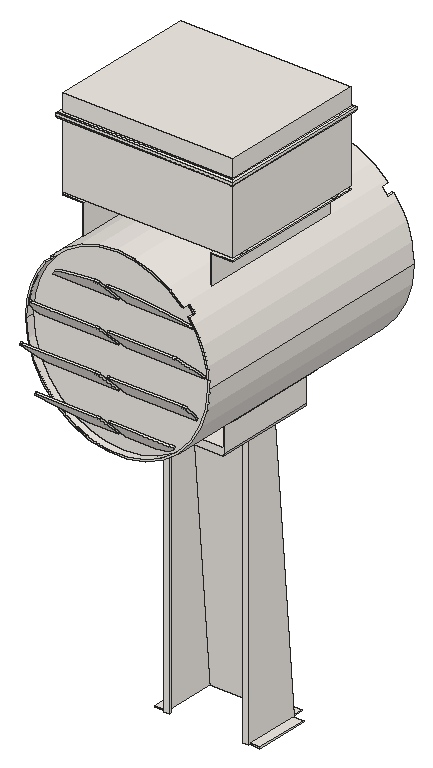
Revit family "Heater-QMARK-QWD_Series-Washdown_Corrosion_Resistant_Unit_Gen2", category Mechanical Equipment, host Face, Revit 2020
Family settings
  Host = Face
  Round Connector Dimension = Use Diameter
  Part Type = Normal
  OmniClass Number = 23.75.70.17.34
  OmniClass Title = Unit Heaters
  Cut with Voids When Loaded = No
  Shared = No
  Room Calculation Point = No
Parameters (values of type "QWD02112")
  Watts = 2000 W
  Wall Mounted Offset = 0' - 6.81039"
  Wall Mount Nema Box Offset = if(Drum Radius = 0' 6 1/2", 0' 3 25/32", if(Drum Radius = 0' 9 7/8", 0' 7 7/16", 0' 3 25/32"))  # 0' - 3 25/32"
  Clearance On [instance] = no
  Wall Mount [instance] = no
  Wall Clearance = 0' - 8"  # constant formula
  Voltage = 120 V
  Version = "2020 - v1.0a"  # constant formula
  URL = "https://www.marleymep.com/"
  Total Heating Capacity = 6824.0 Btu/h
  Small [instance] = if(Drum Radius = 0' 6 1/2", 1 = 1, 1 = 0)  # yes
  Product Page URL = "https://www.marleymep.com/products/qmark/qwd-series-washdown-corrosion-resistant-unit-heater-gen2-new"
  Product Name = "QWD Series - Washdown Corrosion-Resistant Unit Heater Gen2"  # constant formula
  Product Documentation Link = "https://www.marleymep.com/system/files/node/file/field-file/Submittal_QWD-HEP-Q_2024-04-2_v2-Fillable.pdf"
  Power Factor = 1
  Phase = 1
  Offset From Wall = if(Drum Radius = 0' 6 1/2", 0' 6 3/8", if(Drum Radius = 0' 9 7/8", 0' 8", 0' 6 3/8"))  # 0' - 6 3/8"
  Number of Poles = 1
  Nema Box Height = 0' - 6 1/4"
  Motor HP = "N/A"
  Model = "QWD02112"
  Medium Large [instance] = if(Drum Radius = 0' 9 7/8", 1 = 1, 1 = 0)  # no
  Material = ""
  Manufacturer = "Marley® Engineered Products"  # constant formula
  Instruction Sheet Link = "https://www.marleymep.com/system/files/node/file/field-file/Washdown%20Heater%20Instruction%20Manual_QMark%20%281%29.pdf"
  Height WM = 1' - 8 31/32"
  Height CM = 1' - 8 31/32"
  Frequency = 60 Hz
  Drum Radius = 0' - 6 1/2"
  Drum = Paint - Beige
  Description = "Corrosion Resistant Unit Heaters"  # constant formula
  Default Elevation = 4' - 0"
  Copyright = "© 2015-2024, Marley Engineered Products"  # constant formula
  Clearance from Floor = 0' - 7"  # constant formula
  Clearance from Ceiling = 0' - 9"  # constant formula
  Classification = ""
  Ceiling Mount [instance] = yes
  Built in Opt - Thermostat [instance] = no
  Built in Opt - For Large units [instance] = no
  Built in Opt - Disconnect Switch [instance] = no
  Built in Opt - 2 Stage Control [instance] = no
  Built in Opt - 120 V Control circuit [instance] = no
  Bracket = Paint - Beige
  Apparent Load = 0 VA
  Amps = 16.7 A
  Air Flow - Throw = 0' - 0"
  Actual Supply Air Flow = 700 CFM
  2-Stage Control = "N/A"
Reference planes (in)
  plane 1 "Center (Front/Back)": y = 0
  plane 2: z = 0
  plane 3 "Center (Left/Right)": x = 0
  plane 4 "Front": z = 9.96351
  plane 5 "Back": z = 6.455
  plane 6: z = 0.08
  plane 7: z = 19.41
  plane 8: z = 19.33
  plane 9: z = 40.37875
  plane 10: y = -20.96875
  plane 11: z = 28.47276
  plane 12: y = -25.75902
  plane 13: y = 4.8
  plane 14: through (0, -30.25359, 0) normal (0, 0.996, 0.0891)
  plane 15: z = 24.41592
Forms (in)
  SweptBlend 1, solid, material "Paint - Beige" <- "Bracket"
    path origin (0, 0, 0) x (0, 1, 0) y (0, 0, 1)
      loop
        line (0, 0) -> (0, 19.41)
    profile origin (0, 0, 0) x (0, -1, 0) y (1, 0, 0)
      loop
        line (-4, -3) -> (0, -3) -> (0, -2.6) -> (-0.07812, -2.6) -> (-0.07812, -2.92187) -> (-3.92187, -2.92187) -> (-3.92187, 2.92187) -> (-0.07812, 2.92187) -> (-0.07812, 2.6) -> (0, 2.6) -> (0, 3) -> (-4, 3) -> (-4, -3)
    end profile origin (0, 0, 19.41) x (0, -1, 0) y (1, 0, 0)
      loop
        line (-2.32, -3) -> (0, -3) -> (0, -2.6) -> (-0.07812, -2.6) -> (-0.07812, -2.92188) -> (-2.24187, -2.92188) -> (-2.24187, 2.92188) -> (-0.07812, 2.92188) -> (-0.07812, 2.6) -> (0, 2.6) -> (0, 3) -> (-2.32, 3) -> (-2.32, -3)
  Extrusion 2, solid, material "Paint - Beige" <- "Bracket"
    sketch origin (0, 0, 0) x (1, 0, 0) y (0, 1, 0)
      loop
        line (-3, 3.92187) -> (-3.72187, 3.92187) -> (-3.72187, 0.07812) -> (-3, 0.07812) -> (-3, 3.92187)
      loop
        line (3, 3.92187) -> (3, 0.07812) -> (3.72188, 0.07812) -> (3.72188, 3.92187) -> (3, 3.92187)
      loop
        line (-2.92187, 4) -> (2.92188, 4) -> (2.92188, 4.8) -> (-2.92187, 4.8) -> (-2.92187, 4)
    from 0 to 0.08
  Extrusion 3, solid, material "Paint - Beige" <- "Bracket"
    sketch origin (0, 0, 0) x (1, 0, 0) y (0, 1, 0)
      loop
        line (-2.92187, 0.07812) -> (2.92188, 0.07812) -> (2.92188, 2.24187) -> (-2.92187, 2.24187) -> (-2.92187, 0.07812)
    from 19.33 to 19.41
Cuts and joins
  joined: SweptBlend 1, Extrusion 2, Extrusion 3
Lines and regions (in)
  Masking region 1, visible <- "Wall Mount"
    outline origin (0, 0, 0) x (1, 0, 0) y (0, 0, 1)
      loop
        line (3, 0) -> (3, 19.41) -> (-3, 19.41) -> (-3, 0) -> (3, 0)
  Masking region 2, visible <- "Wall Mount"
    outline origin (0, 0, 0) x (1, 0, 0) y (0, 0, 1)
      loop
        line (3.59961, 20.19428) -> (-3.59961, 20.19428) -> (-3.59961, 12.17072) -> (-3, 12.17072) -> (-3, 19.41) -> (3, 19.41) -> (3, 12.17072) -> (3.59961, 12.17072) -> (3.59961, 20.19428)
  Masking region 3, visible <- "Wall Mount"
    outline origin (0, 0, 0) x (1, 0, 0) y (0, 0, 1)
      loop
        line (3, 6.46351) -> (6.5, 6.46351) -> (6.5, 24.46351) -> (-6.5, 24.46351) -> (-6.5, 6.46351) -> (-3, 6.46351) -> (-3, 12.17072) -> (-3.59961, 12.17072) -> (-3.59961, 20.19428) -> (3.59961, 20.19428) -> (3.59961, 12.17072) -> (3, 12.17072) -> (3, 6.46351)
  Masking region 4, visible <- "Ceiling Mount"
    outline origin (0, 0, 0) x (1, 0, 0) y (0, 1, 0)
      loop
        line (-6.26027, 5.46535) -> (-6.26027, -5.46535) -> (6.26027, -5.46535) -> (6.26027, 5.46535) -> (-6.26027, 5.46535)
  Masking region 5, visible <- "Ceiling Mount"
    outline origin (0, 0, 0) x (1, 0, 0) y (0, 1, 0)
      loop
        line (-6.5, 10.16) -> (-6.5, -7.84) -> (6.5, -7.84) -> (6.5, 10.16) -> (-6.5, 10.16)
  symbolic lines
    curve 1: line (-14.5, 18.16, 0) -> (14.5, 18.16, 0)
    curve 2: line (-14.5, -14.84, 0) -> (-14.5, 18.16, 0)
    curve 3: line (14.5, -14.84, 0) -> (-14.5, -14.84, 0)
    curve 4: line (14.5, 18.16, 0) -> (14.5, -14.84, 0)
  reference lines
    curve 5: line (-2.92187, 4.8, 0) -> (32.07813, 4.8, 0)
Dimensions and locks (in)
  SweptBlend 1 sketch curve to SweptBlend 1 sketch curve to SweptBlend 1 sketch curve to plane 3 "Center (Left/Right)" to SweptBlend 1 sketch curve to SweptBlend 1 sketch curve = 0' - 0 5/64" locked, 0' - 0.32187" locked, 0' - 2.6" locked, 0' - 2.6" locked, 0' - 0.32187" locked
  Extrusion 2 sketch curve to Extrusion 2 sketch curve to Extrusion 2 sketch curve to plane 3 "Center (Left/Right)" to Extrusion 2 sketch curve to Extrusion 2 sketch curve to Extrusion 2 sketch curve = 0' - 0.72187" locked, 0' - 0 5/64" locked, 0' - 2 59/64" locked, 0' - 2 59/64" locked, 0' - 0 5/64" locked, 0' - 0.72187" locked
  locked: plane 6 to plane 2 at 0.08
  plane 1 "Center (Front/Back)" to Extrusion 3 sketch curve to Extrusion 3 sketch curve = 0' - 0 5/64" locked, 0' - 2.16375" locked
  Extrusion 3 sketch curve to plane 3 "Center (Left/Right)" to Extrusion 3 sketch curve = 0' - 2 59/64" locked, 0' - 2 59/64" locked
  locked: plane 7 to plane 2 at 19.41
  locked: plane 7 to plane 8 at 0.08
  "Height CM": plane 9 to plane 7
  locked: nested 1 to plane 1 "Center (Front/Back)" at 1.16
  "Height WM": plane 1 "Center (Front/Back)" to plane 10
  plane 1 "Center (Front/Back)" to SweptBlend 1 sketch curve to SweptBlend 1 sketch curve to SweptBlend 1 sketch curve to SweptBlend 1 sketch curve = 0' - 0 5/64" locked, 0' - 0" locked, 0' - 3 27/32" locked, 0' - 0 5/64" locked
  SweptBlend 1 sketch curve to SweptBlend 1 sketch curve to SweptBlend 1 sketch curve to plane 3 "Center (Left/Right)" to SweptBlend 1 sketch curve to SweptBlend 1 sketch curve to SweptBlend 1 sketch curve = 0' - 0 5/64" locked, 0' - 0.32188" locked, 0' - 2.6" locked, 0' - 2.6" locked, 0' - 0.32188" locked, 0' - 0 5/64" locked
  SweptBlend 1 sketch curve to SweptBlend 1 sketch curve to SweptBlend 1 sketch curve to SweptBlend 1 sketch curve to nested 2 = 0' - 0 5/64" locked, 0' - 2.16375" locked, 0' - 0" locked, 0' - 0 5/64" locked
  plane 1 "Center (Front/Back)" to Extrusion 2 sketch curve to Extrusion 2 sketch curve to Extrusion 2 sketch curve to Extrusion 2 sketch curve = 0' - 0 5/64" locked, 0' - 3 27/32" locked, 0' - 0 5/64" locked, 0' - 0.8" locked
  plane 1 "Center (Front/Back)" to Extrusion 2 sketch curve to Extrusion 2 sketch curve = 0' - 0 5/64" locked, 0' - 3 27/32" locked
  "Wall Clearance": curve 2 to nested 1
  "Wall Clearance": nested 1 to curve 4
  "Clearance from Floor": curve 3 to nested 1
  "Wall Clearance": nested 1 to curve 1
  "Offset From Wall": plane 5 "Back" to plane 6
  "Wall Mount Nema Box Offset": nested 4 to plane 5 "Back"
  aligned and locked: plane 2 to host face
  aligned and locked: level to host face
  aligned and locked: plane 1 "Center (Front/Back)" to SweptBlend 1 sketch curve  (x3)
  aligned and locked: plane 2 to SweptBlend 1 sketch curve
  aligned and locked: SweptBlend 1 sketch curve to plane 1 "Center (Front/Back)"
  aligned and locked: SweptBlend 1 sketch curve to profile plane
  aligned and locked: plane 2 to cut or joined group of SweptBlend 1, Extrusion 2, Extrusion 3
  aligned and locked: plane 6 to cut or joined group of SweptBlend 1, Extrusion 2, Extrusion 3
  aligned and locked: Extrusion 3 to plane 7
  aligned and locked: Extrusion 3 to plane 8
  aligned and locked: plane 3 "Center (Left/Right)" to nested 1
  aligned and locked: nested 2 to plane 3 "Center (Left/Right)"
  aligned and locked: plane 7 to nested 1
  aligned and locked: plane 9 to nested 2
  aligned and locked: nested 2 to plane 1 "Center (Front/Back)"
  aligned and locked: nested 3 to plane 1 "Center (Front/Back)"
  aligned and locked: nested 4 to plane 10  (x2)
  aligned and locked: Masking region 2 sketch curve to Masking region 2 sketch curve
  aligned and locked: Masking region 2 sketch curve to plane 7
  aligned and locked: Masking region 3 sketch curve to Masking region 1  (x2)
  aligned and locked: Masking region 3 sketch curve to Masking region 2  (x3)
  aligned and locked: Masking region 4 sketch curve to nested 2  (x4)
  aligned and locked: Masking region 5 sketch curve to nested 1  (x2)
  aligned and locked: nested 3 to Masking region 3 sketch curve  (x2)
  aligned and locked: plane 3 "Center (Left/Right)" to nested 4
  aligned and locked: nested 3 to plane 3 "Center (Left/Right)"
  aligned and locked: plane 5 "Back" to nested 3
Automatic sketch dimensions
  host sketch curve to host sketch curve = 8' - 0"  (x2)
  plane 7 to SweptBlend 1 sketch curve = 0' - 0"
  SweptBlend 1 sketch curve to SweptBlend 1 sketch curve = 0' - 0 5/64"
  Masking region 1 sketch curve to level = 0' - 0"
  Masking region 1 sketch curve to plane 7 = 0' - 0"
  Masking region 1 sketch curve to plane 3 "Center (Left/Right)" = 0' - 3"
  plane 3 "Center (Left/Right)" to Masking region 1 sketch curve = 0' - 3"
  Masking region 2 sketch curve to plane 3 "Center (Left/Right)" = 0' - 3.59961"
  Masking region 2 sketch curve to Masking region 2 sketch curve = 0' - 0.59961"  (x2)
  plane 3 "Center (Left/Right)" to Masking region 2 sketch curve = 0' - 3"
  plane 4 "Front" to Masking region 2 sketch curve = 0' - 2.20721"
  Masking region 2 sketch curve to plane 7 = 0' - 0.78428"
  Masking region 3 sketch curve to plane 3 "Center (Left/Right)" = 0' - 3.59961"
  Masking region 3 sketch curve to Masking region 3 sketch curve = 0' - 0.59961"
  plane 5 "Back" to Masking region 3 sketch curve = 0' - 0.00851"  (x2)
  Masking region 3 sketch curve to plane 7 = 0' - 5.05351"
  plane 1 "Center (Front/Back)" to Masking region 5 sketch curve = 0' - 7.84"
  Masking region 5 sketch curve to plane 1 "Center (Front/Back)" = 0' - 10.16"
  curve 5 to plane 13 = 0' - 0"
  curve 5 to plane 3 "Center (Left/Right)" = 0' - 2 59/64"
  plane 3 "Center (Left/Right)" to curve 5 = 2' - 8 5/64"
Nested families (in)
  nested 1: "Drum" at (0, 1.16, 33.68461) x (0, -1, 0) z (0, 0, -1), visible <- "Ceiling Mount", Medium-Large <- "Medium Large", Small <- "Small", Clearance <- "Clearance On", type "Drum"
    with built-in parameter 1140142 -1, Small yes, Medium-Large no, built-in parameter 1140140 1 (stored number, unit not read), built-in parameter 1155100 -1, Clearance no, Width 1' - 1", Upper Bracket Length 0' - 7 51/256", Length 1' - 6", Height 1' - 1", Drum Outter Radius 0' - 6 1/2", Bracket Location 0' - 2 3/16", Bracket Constraint 0' - 3.59961"
  nested 2: "Box - Nema 4" at (0, 0, 33.95875) x (-1, 0, 0) z (0, 0, 1), visible <- "Ceiling Mount", type "Box - Nema 4"
  nested 3: "Drum" at (0, -14.27461, 15.455) x (0, 0, 1) z (0, 1, 0), visible <- "Wall Mount", Small <- "Small", Medium-Large <- "Medium Large", Clearance <- "Clearance On", type "Drum"
    with built-in parameter 1140142 -1, Small yes, Medium-Large no, built-in parameter 1140140 1 (stored number, unit not read), built-in parameter 1155100 -1, Clearance no, Width 1' - 1", Upper Bracket Length 0' - 7 51/256", Length 1' - 6", Height 1' - 1", Drum Outter Radius 0' - 6 1/2", Bracket Location 0' - 2 3/16", Bracket Constraint 0' - 3.59961"
  nested 4: "Box - Nema 4" at (0, -14.54875, 15.44133) x (1, 0, 0) z (0, -1, 0), visible <- "Wall Mount", type "Box - Nema 4"
Connectors (in)
  electrical at (0, 4.4, 0.08), driven by "Number of Poles", driven by "Voltage", driven by "Apparent Load", driven by "Power Factor"
    settings: on cut or joined group of SweptBlend 1, Extrusion 2, Extrusion 3, index 1, voltage 120 V, apparent load 0 VA, apparent load phase1 0 VA, apparent load phase2 0 VA, apparent load phase3 0 VA, power factor 1, load classification "HVAC", number of poles 1, system type 31, power factor state 1, is connector primary yes, connector utility no, sub classification motor no, connector description "Power Connection"
Definition of nested family "Drum"
  Parameters (values of type "Drum")
    Width = Drum Outter Radius * 2  # 1' - 7 3/4"
    Clearance [instance] = yes
    Upper Bracket Length = if(Length = 1' 6", 0' 7 51/256", if(Length = 2' 3", 1' 0 31/256", 0' 7 51/256"))  # 1' - 0 31/256"
    built-in parameter 1140142 [instance] = -1
    Small [instance] = yes
    Medium-Large [instance] = no
    built-in parameter 1140140 [instance] = 1 (stored number, unit not read)
    Louvers = none
    Length = if(Drum Outter Radius = 0' 6 1/2", 1' 6", if(Drum Outter Radius = 0' 9 7/8", 2' 3", 1' 6"))  # 2' - 3"
    Height = Drum Outter Radius * 2  # 1' - 7 3/4"
    built-in parameter 1155100 [instance] = -1
    Drum Outter Radius = 0' - 9 7/8"
    Drum = none
    Default Elevation = 4' - 0"
    Bracket Location = if(Height = 1' 1", 0' 2 3/16", if(Height = 1' 7 3/4", 0' 1 7/8", 0' 2 3/16"))  # 0' - 1 7/8"
    Bracket Constraint = Upper Bracket Length / 2  # 0' - 6.06055"
    Bracket = none
  Reference planes (in)
    plane 1 "Center (Front/Back)": y = 0
    plane 2 "Bottom": z = 0
    plane 3 "Center (Left/Right)": x = 0
    plane 4 "Left": x = -13.5
    plane 5 "Right": x = 13.5
    plane 6: y = 9.875
    plane 7: y = -9.875
    plane 8 "Top": z = 19.75
    plane 9: z = 2.25
    plane 10: z = 9.875
    plane 11: x = -12.98188
    plane 12: x = -12.91938
    plane 13: x = 12.98188
    plane 14: x = 12.91938
    plane 15: x = 9
  Forms (in)
    Extrusion 1, solid, material <- "Drum"
      sketch origin (0, 0, 0.03928) x (0, 1, 0) y (0, 0, 1)
        loop
          circle (0, 9.83572) r 9.875
        loop
          circle (0, 9.83572) r 9.75
      from -13.5 to 13.5
    Extrusion 2, void
      sketch origin (0, 0, 0) x (1, 0, 0) y (0, 0, 1)
        loop
          line (13.5, 2.49521) -> (12.98188, 2.49521) -> (12.98188, 2.00479) -> (13.5, 2.00479) -> (13.5, 2.49521)
        loop
          line (13.5, 15.98811) -> (12.98188, 15.98811) -> (12.98188, 15.4977) -> (13.5, 15.4977) -> (13.5, 15.98811)
        loop
          line (-13.5, 2.49521) -> (-13.5, 2.00479) -> (-12.98188, 2.00479) -> (-12.98188, 2.49521) -> (-13.5, 2.49521)
        loop
          line (-13.5, 15.98811) -> (-13.5, 15.4977) -> (-12.98188, 15.4977) -> (-12.98188, 15.98811) -> (-13.5, 15.98811)
      from -9.875 to 9.875
    Extrusion 3, solid, material <- "Drum"
      sketch origin (0, 0, 0) x (0, 1, 0) y (0, 0, 1)
        loop
          circle (0, 9.875) r 9.75
      from -12.98188 to -12.91938
    Extrusion 4, solid, material <- "Drum"
      sketch origin (0, 0, 0) x (0, 1, 0) y (0, 0, 1)
        loop
          circle (0, 9.875) r 9.74994
      from 12.91938 to 12.98188
    Sweep 5, solid, material <- "Bracket"
      path origin (0.00873, 0, 0.06158) x (1, 0, 0) y (0, 0, 1)
        loop
          line (6.05182, 17.81342) -> (-6.06928, 17.81342)
      profile "Upper Bracket : Upper Bracket" origin (0, 0, 17.875) x (0, 0, -1) y (0, -1, 0)
        loop
          line (-0.84375, -3.98438) -> (-1.3956, -3.22482)
          arc (-1.3956, -3.22482) -> (-1.4382, -3.18844) -> (-1.49268, -3.17536) r 0.12
          line (-1.49268, -3.17536) -> (-2.96211, -3.17536) -> (-2.96211, 3.15964) -> (-1.49268, 3.15964)
          arc (-1.49268, 3.15964) -> (-1.4382, 3.17272) -> (-1.3956, 3.20911) r 0.12
          line (-1.3956, 3.20911) -> (-0.84375, 3.96866) -> (-0.89229, 4.00393) -> (-1.44414, 3.24437)
          arc (-1.44414, 3.24437) -> (-1.46544, 3.22618) -> (-1.49268, 3.21964) r 0.06
          line (-1.49268, 3.21964) -> (-3.34211, 3.21964)
          arc (-3.34211, 3.21964) -> (-3.42696, 3.18449) -> (-3.46211, 3.09964) r 0.12
          line (-3.46211, 3.09964) -> (-3.46211, -3.11536)
          arc (-3.46211, -3.11536) -> (-3.42696, -3.20021) -> (-3.34211, -3.23536) r 0.12
          line (-3.34211, -3.23536) -> (-1.49268, -3.23536)
          arc (-1.49268, -3.23536) -> (-1.46544, -3.2419) -> (-1.44414, -3.26009) r 0.06
          line (-1.44414, -3.26009) -> (-0.89229, -4.01964) -> (-0.84375, -3.98438)
    Extrusion 6, solid, visible <- "Clearance"
      sketch origin (-6.08264, 4.80007, 0) x (1, 0, 0) y (0, 1, 0)
        loop
          line (27.58264, 12.94993) -> (-15.41736, 12.94993) -> (-15.41736, -22.67507) -> (27.58264, -22.67507) -> (27.58264, 12.94993)
      from -12 to 29.33711
  Cuts and joins
    Extrusion 2 cuts Extrusion 1
  Dimensions and locks (in)
    equal spacing: plane 4 "Left", plane 3 "Center (Left/Right)", plane 5 "Right"
    "Length": plane 4 "Left" to plane 5 "Right"
    equal spacing: plane 7, plane 1 "Center (Front/Back)", plane 6
    "Width": plane 7 to plane 6
    "Height": plane 8 "Top" to plane 2 "Bottom"
    locked: plane 9 to level at 2.25
    locked: plane 1 "Center (Front/Back)" to Extrusion 1 sketch curve
    equal spacing: plane 8 "Top", plane 10, plane 2 "Bottom"
    locked: plane 10 to Extrusion 1 sketch curve
    locked: Extrusion 2 sketch curve to plane 4 "Left" at 0.51812  (x2)
    locked: plane 5 "Right" to Extrusion 2 sketch curve at 0.51812  (x2)
    Extrusion 2 sketch curve to Extrusion 2 sketch curve = 0' - 0.49041"  (x2)
    Extrusion 2 sketch curve to plane 9 to Extrusion 2 sketch curve = 0' - 0.24521" locked, 0' - 0.24521" locked  (x2)
    plane 12 to plane 11 to plane 4 "Left" = 0' - 0 1/16" locked, 0' - 0.51812" locked
    locked: plane 1 "Center (Front/Back)" to Extrusion 3 sketch curve
    locked: plane 10 to Extrusion 3 sketch curve
    locked: plane 1 "Center (Front/Back)" to Extrusion 4 sketch curve
    locked: plane 10 to Extrusion 4 sketch curve
    plane 5 "Right" to plane 13 to plane 14 = 0' - 0.51812" locked, 0' - 0 1/16" locked
    locked: plane 7 to Extrusion 1 sketch curve at 0.125
    locked: plane 7 to Extrusion 4 sketch curve at 0.12506
    locked: plane 7 to Extrusion 3 sketch curve at 0.125
    "Upper Bracket Length": Sweep 5 sketch curve to Sweep 5 sketch curve
    "Bracket Location": plane 8 "Top" to Sweep 5 sketch curve
    equal spacing: Sweep 5 sketch curve, plane 3 "Center (Left/Right)", Sweep 5 sketch curve
    Extrusion 6 sketch curve to cut or joined group of Extrusion 1, Extrusion 2 = 0' - 8"
    cut or joined group of Extrusion 1, Extrusion 2 to Extrusion 6 sketch curve = 0' - 8"
    cut or joined group of Extrusion 1, Extrusion 2 to Extrusion 6 = 0' - 8"
    "Drum Outter Radius": radius of Extrusion 1 sketch curve
    aligned and locked: plane 2 "Bottom" to level
    aligned and locked: Extrusion 1 to plane 4 "Left"
    aligned and locked: plane 5 "Right" to Extrusion 1
    aligned and locked: Extrusion 2 sketch curve to plane 5 "Right"  (x2)
    aligned and locked: Extrusion 2 sketch curve to plane 4 "Left"  (x2)
    aligned and locked: plane 7 to Extrusion 2
    aligned and locked: plane 6 to Extrusion 2
    aligned and locked: Extrusion 3 to plane 12
    aligned and locked: Extrusion 3 to plane 11
    aligned and locked: Extrusion 4 to plane 14
    aligned and locked: plane 13 to Extrusion 4
    aligned and locked: plane 13 to nested 1
    aligned and locked: plane 10 to nested 1
    aligned and locked: plane 1 "Center (Front/Back)" to nested 1
    aligned and locked: plane 13 to nested 2
    aligned and locked: plane 1 "Center (Front/Back)" to nested 2
    aligned and locked: nested 2 to plane 10
  Automatic sketch dimensions
    Extrusion 1 sketch curve to Extrusion 1 sketch curve = 0' - 0"  (x2)
    plane 6 to Extrusion 6 sketch curve = 0' - 7 7/8"
    plane 7 to Extrusion 6 sketch curve = 0' - 8"
  Nested families (in)
    nested 1: "Small Louvers" at (12.98188, 0, 3.46392), visible <- "Small", type "Small Louvers", detail levels fine
    nested 2: "Medium-Large Louvers" at (12.98188, 0, 0.135), visible <- "Medium-Large", type "Medium-Large Louvers", detail levels fine
  Definition of nested family "Small Louvers"
    Parameters
      Louvers = none
      Default Elevation = 0' - 0"
    Reference planes (in)
      plane 1 "Center (Front/Back)": y = 0
      plane 2: z = 0
      plane 3 "Center (Left/Right)": x = 0
      plane 4: x = 0.125
    Forms (in)
      Extrusion 1, solid, material <- "Louvers"
        sketch origin (8.31747, 0, 3.44521) x (0, 1, 0) y (-0.707107, 0, 0.707107)
          loop
            arc (-2.36273, 11.72966) -> (-3.76445, 10.8565) -> (-4.86646, 9.62654) r 5.85277
            arc (-4.86646, 9.62654) -> (-4.87728, 9.40625) -> (-4.6881, 9.29287) r 0.2145
            line (-4.6881, 9.29287) -> (-0.50118, 9.29287)
            arc (-0.50118, 9.29287) -> (-0.3495, 9.35569) -> (-0.28667, 9.50737) r 0.2145
            line (-0.28667, 9.50737) -> (-0.28667, 11.72966) -> (-2.36273, 11.72966)
          loop
            line (0.28667, 11.76268) -> (0.28667, 9.50737)
            arc (0.28667, 9.50737) -> (0.3495, 9.35569) -> (0.50118, 9.29287) r 0.2145
            line (0.50118, 9.29287) -> (4.6881, 9.29287)
            arc (4.6881, 9.29287) -> (4.87728, 9.40625) -> (4.86646, 9.62654) r 0.2145
            arc (4.86646, 9.62654) -> (3.73253, 10.88312) -> (2.28645, 11.76268) r 5.85277
            line (2.28645, 11.76268) -> (0.28667, 11.76268)
        from 0 to 0.125
      Extrusion 2, solid, material <- "Louvers"
        sketch origin (6.36834, 0, 2.63785) x (0, 1, 0) y (-0.707107, 0, 0.707107)
          loop
            arc (-5.23606, 8.99007) -> (-5.66524, 7.84469) -> (-5.84699, 6.63512) r 5.85277
            arc (-5.84699, 6.63512) -> (-5.78771, 6.47732) -> (-5.6327, 6.41108) r 0.2145
            line (-5.6327, 6.41108) -> (-0.50118, 6.41108)
            arc (-0.50118, 6.41108) -> (-0.3495, 6.47391) -> (-0.28667, 6.62559) r 0.2145
            line (-0.28667, 6.62559) -> (-0.28667, 8.99007) -> (-5.23606, 8.99007)
          loop
            arc (0.28667, 6.62559) -> (0.3495, 6.47391) -> (0.50118, 6.41108) r 0.2145
            line (0.50118, 6.41108) -> (5.6327, 6.41108)
            arc (5.6327, 6.41108) -> (5.78771, 6.47732) -> (5.84699, 6.63512) r 0.2145
            arc (5.84699, 6.63512) -> (5.66297, 7.85342) -> (5.22798, 9.00619) r 5.85277
            line (5.22798, 9.00619) -> (0.28667, 9.00619) -> (0.28667, 6.62559)
        from 0 to 0.125
      Extrusion 3, solid, material <- "Louvers"
        sketch origin (4.33061, 0, 1.7938) x (0, 1, 0) y (-0.707107, 0, 0.707107)
          loop
            arc (-5.84747, 6.12595) -> (-5.64993, 4.84752) -> (-5.17639, 3.64371) r 5.85277
            arc (-5.17639, 3.64371) -> (-5.09744, 3.56012) -> (-4.98667, 3.5293) r 0.2145
            line (-4.98667, 3.5293) -> (-0.50118, 3.5293)
            arc (-0.50118, 3.5293) -> (-0.3495, 3.59213) -> (-0.28667, 3.74381) r 0.2145
            line (-0.28667, 3.74381) -> (-0.28667, 6.12595) -> (-5.84747, 6.12595)
          loop
            line (0.28667, 6.12441) -> (0.28667, 3.74381)
            arc (0.28667, 3.74381) -> (0.3495, 3.59213) -> (0.50118, 3.5293) r 0.2145
            line (0.50118, 3.5293) -> (4.98667, 3.5293)
            arc (4.98667, 3.5293) -> (5.09744, 3.56012) -> (5.17639, 3.64371) r 0.2145
            arc (5.17639, 3.64371) -> (5.64973, 4.84677) -> (5.8474, 6.12441) r 5.85277
            line (5.8474, 6.12441) -> (0.28667, 6.12441)
        from 0 to 0.125
      Extrusion 4, solid, material <- "Louvers"
        sketch origin (2.29289, 0, 0.94974) x (0, 1, 0) y (-0.707107, 0, 0.707107)
          loop
            arc (-4.95611, 3.26182) -> (-3.05653, 1.38375) -> (-0.52025, 0.5454) r 5.85277
            arc (-0.52025, 0.5454) -> (-0.3564, 0.60078) -> (-0.28667, 0.75905) r 0.2145
            line (-0.28667, 0.75905) -> (-0.28667, 3.26182) -> (-4.95611, 3.26182)
          loop
            line (0.28667, 3.24263) -> (0.28667, 0.75905)
            arc (0.28667, 0.75905) -> (0.3564, 0.60078) -> (0.52025, 0.5454) r 0.2145
            arc (0.52025, 0.5454) -> (3.04685, 1.37784) -> (4.94401, 3.24263) r 5.85277
            line (4.94401, 3.24263) -> (0.28667, 3.24263)
        from 0 to 0.125
    Lines and regions (in)
      model lines
        curve 1: arc (0, -4.86646, 9.62654) -> (0, -4.87728, 9.40625) -> (0, -4.6881, 9.29287) r 0.2145
        curve 2: arc (0, -2.36273, 11.72966) -> (0, -3.76445, 10.8565) -> (0, -4.86646, 9.62654) r 5.85277
        curve 3: line (0, -4.6881, 9.29287) -> (0, -0.50118, 9.29287)
        curve 4: arc (0, -0.50118, 9.29287) -> (0, -0.3495, 9.35569) -> (0, -0.28667, 9.50737) r 0.2145
        curve 5: line (0, -0.28667, 9.50737) -> (0, -0.28667, 11.76268)
        curve 6: arc (0, 0.28667, 9.50737) -> (0, 0.3495, 9.35569) -> (0, 0.50118, 9.29287) r 0.2145
        curve 7: line (0, 0.28667, 11.76268) -> (0, 0.28667, 9.50737)
        curve 8: line (0, 4.6881, 9.29287) -> (0, 0.50118, 9.29287)
        curve 9: arc (0, 4.6881, 9.29287) -> (0, 4.87728, 9.40625) -> (0, 4.86646, 9.62654) r 0.2145
        curve 10: arc (0, 4.86646, 9.62654) -> (0, 3.76445, 10.8565) -> (0, 2.36273, 11.72966) r 5.85277
        curve 11: arc (0, 5.6327, 6.41108) -> (0, 5.78771, 6.47732) -> (0, 5.84699, 6.63512) r 0.2145
        curve 12: arc (0, 5.84699, 6.63512) -> (0, 5.66524, 7.84469) -> (0, 5.23606, 8.99007) r 5.85277
        curve 13: line (0, 5.6327, 6.41108) -> (0, 0.50118, 6.41108)
        curve 14: arc (0, 0.28667, 6.62559) -> (0, 0.3495, 6.47391) -> (0, 0.50118, 6.41108) r 0.2145
        curve 15: line (0, 0.28667, 9.00619) -> (0, 0.28667, 6.62559)
        curve 16: line (0, -0.28667, 6.62559) -> (0, -0.28667, 9.00619)
        curve 17: arc (0, -0.50118, 6.41108) -> (0, -0.3495, 6.47391) -> (0, -0.28667, 6.62559) r 0.2145
        curve 18: line (0, -5.6327, 6.41108) -> (0, -0.50118, 6.41108)
        curve 19: arc (0, -5.84699, 6.63512) -> (0, -5.78771, 6.47732) -> (0, -5.6327, 6.41108) r 0.2145
        curve 20: arc (0, -5.23606, 8.99007) -> (0, -5.66524, 7.84469) -> (0, -5.84699, 6.63512) r 5.85277
        curve 21: arc (0, -5.84747, 6.12595) -> (0, -5.64993, 4.84752) -> (0, -5.17639, 3.64371) r 5.85277
        curve 22: arc (0, -5.17639, 3.64371) -> (0, -5.09744, 3.56012) -> (0, -4.98667, 3.5293) r 0.2145
        curve 23: line (0, -4.98667, 3.5293) -> (0, -0.50118, 3.5293)
        curve 24: arc (0, -0.50118, 3.5293) -> (0, -0.3495, 3.59213) -> (0, -0.28667, 3.74381) r 0.2145
        curve 25: line (0, -0.28667, 3.74381) -> (0, -0.28667, 6.12441)
        curve 26: line (0, 0.28667, 6.12441) -> (0, 0.28667, 3.74381)
        curve 27: arc (0, 0.28667, 3.74381) -> (0, 0.3495, 3.59213) -> (0, 0.50118, 3.5293) r 0.2145
        curve 28: line (0, 4.98667, 3.5293) -> (0, 0.50118, 3.5293)
        curve 29: arc (0, 4.98667, 3.5293) -> (0, 5.09744, 3.56012) -> (0, 5.17639, 3.64371) r 0.2145
        curve 30: arc (0, 5.17639, 3.64371) -> (0, 5.64993, 4.84752) -> (0, 5.84747, 6.12595) r 5.85277
        curve 31: arc (0, 0.52025, 0.5454) -> (0, 3.05653, 1.38375) -> (0, 4.95611, 3.26182) r 5.85277
        curve 32: arc (0, 0.28667, 0.75905) -> (0, 0.3564, 0.60078) -> (0, 0.52025, 0.5454) r 0.2145
        curve 33: line (0, 0.28667, 3.24263) -> (0, 0.28667, 0.75905)
        curve 34: line (0, -0.28667, 0.75905) -> (0, -0.28667, 3.24263)
        curve 35: arc (0, -0.52025, 0.5454) -> (0, -0.3564, 0.60078) -> (0, -0.28667, 0.75905) r 0.2145
        curve 36: arc (0, -4.95611, 3.26182) -> (0, -3.05653, 1.38375) -> (0, -0.52025, 0.5454) r 5.85277
    Dimensions and locks (in)
      locked: plane 4 to plane 3 "Center (Left/Right)" at 0.125
      aligned and locked: plane 2 to level
      aligned and locked: Extrusion 2 sketch curve to curve 16
  Definition of nested family "Medium-Large Louvers"
    Parameters
      Louvers = none
      Default Elevation = 0' - 0"
    Reference planes (in)
      plane 1 "Center (Front/Back)": y = 0
      plane 2: z = 0
      plane 3 "Center (Left/Right)": x = 0
      plane 4: x = 0.125
    Forms (in)
      Extrusion 1, solid, material <- "Louvers"
        sketch origin (13.0744, 0, 5.4156) x (0, 1, 0) y (-0.707107, 0, 0.707107)
          loop
            arc (-6.2637, 16.13286) -> (-6.30889, 15.91441) -> (-6.12372, 15.79) r 0.2
            line (-6.12372, 15.79) -> (-0.5, 15.79)
            arc (-0.5, 15.79) -> (-0.35858, 15.84858) -> (-0.3, 15.99) r 0.2
            line (-0.3, 15.99) -> (-0.3, 18.49) -> (-1.88149, 18.49)
            arc (-1.88149, 18.49) -> (-4.2397, 17.6221) -> (-6.2637, 16.13286) r 8.95
          loop
            arc (0.3, 15.99) -> (0.35858, 15.84858) -> (0.5, 15.79) r 0.2
            line (0.5, 15.79) -> (6.12372, 15.79)
            arc (6.12372, 15.79) -> (6.30889, 15.91441) -> (6.2637, 16.13286) r 0.2
            arc (6.2637, 16.13286) -> (4.2397, 17.6221) -> (1.88149, 18.49) r 8.95
            line (1.88149, 18.49) -> (0.3, 18.49) -> (0.3, 15.99)
        from 0 to 0.125
      Extrusion 2, solid, material <- "Louvers"
        sketch origin (10.95308, 0, 4.53692) x (0, 1, 0) y (-0.707107, 0, 0.707107)
          loop
            arc (-8.30973, 13.06429) -> (-8.28965, 12.87788) -> (-8.12404, 12.79) r 0.2
            line (-8.12404, 12.79) -> (-0.5, 12.79)
            arc (-0.5, 12.79) -> (-0.35858, 12.84858) -> (-0.3, 12.99) r 0.2
            line (-0.3, 12.99) -> (-0.3, 15.49) -> (-6.85857, 15.49)
            arc (-6.85857, 15.49) -> (-7.68052, 14.33479) -> (-8.30973, 13.06429) r 8.95
          loop
            arc (0.3, 12.99) -> (0.35858, 12.84858) -> (0.5, 12.79) r 0.2
            line (0.5, 12.79) -> (8.12404, 12.79)
            arc (8.12404, 12.79) -> (8.28965, 12.87788) -> (8.30973, 13.06429) r 0.2
            arc (8.30973, 13.06429) -> (7.68052, 14.33479) -> (6.85857, 15.49) r 8.95
            line (6.85857, 15.49) -> (0.3, 15.49) -> (0.3, 12.99)
        from 0 to 0.125
      Extrusion 3, solid, material <- "Louvers"
        sketch origin (8.83176, 0, 3.65824) x (0, 1, 0) y (-0.707107, 0, 0.707107)
          loop
            arc (-8.51704, 12.49) -> (-8.82031, 11.25811) -> (-8.94635, 9.99571) r 8.95
            arc (-8.94635, 9.99571) -> (-8.88986, 9.85061) -> (-8.74643, 9.79) r 0.2
            line (-8.74643, 9.79) -> (-0.5, 9.79)
            arc (-0.5, 9.79) -> (-0.35858, 9.84858) -> (-0.3, 9.99) r 0.2
            line (-0.3, 9.99) -> (-0.3, 12.49) -> (-8.51704, 12.49)
          loop
            line (0.3, 12.49) -> (0.3, 9.99)
            arc (0.3, 9.99) -> (0.35858, 9.84858) -> (0.5, 9.79) r 0.2
            line (0.5, 9.79) -> (8.74643, 9.79)
            arc (8.74643, 9.79) -> (8.88986, 9.85061) -> (8.94635, 9.99571) r 0.2
            arc (8.94635, 9.99571) -> (8.82031, 11.25811) -> (8.51704, 12.49) r 8.95
            line (8.51704, 12.49) -> (0.3, 12.49)
        from 0 to 0.125
      Extrusion 4, solid, material <- "Louvers"
        sketch origin (6.71143, 0, 2.77996) x (0, 1, 0) y (-0.707107, 0, 0.707107)
          loop
            arc (-8.94655, 9.49139) -> (-8.81525, 8.19281) -> (-8.49649, 6.92714) r 8.95
            arc (-8.49649, 6.92714) -> (-8.42382, 6.82793) -> (-8.30683, 6.79) r 0.2
            line (-8.30683, 6.79) -> (-0.49979, 6.79)
            arc (-0.49979, 6.79) -> (-0.35851, 6.84865) -> (-0.3, 6.99) r 0.2
            line (-0.3, 6.99) -> (-0.3, 9.49139) -> (-8.94655, 9.49139)
          loop
            arc (0.3, 6.99) -> (0.35865, 6.84851) -> (0.50021, 6.79) r 0.2
            line (0.50021, 6.79) -> (8.30683, 6.79)
            arc (8.30683, 6.79) -> (8.42382, 6.82793) -> (8.49649, 6.92714) r 0.2
            arc (8.49649, 6.92714) -> (8.81513, 8.19213) -> (8.94651, 9.49) r 8.95
            line (8.94651, 9.49) -> (0.3, 9.49) -> (0.3, 6.99)
        from 0 to 0.125
      Extrusion 5, solid, material <- "Louvers"
        sketch origin (4.58912, 0, 1.90088) x (0, 1, 0) y (-0.707107, 0, 0.707107)
          loop
            arc (-8.34608, 6.50806) -> (-7.66154, 5.11363) -> (-6.74621, 3.85857) r 8.95
            arc (-6.74621, 3.85857) -> (-6.67826, 3.80795) -> (-6.59545, 3.79) r 0.2
            line (-6.59545, 3.79) -> (-0.5, 3.79)
            arc (-0.5, 3.79) -> (-0.35858, 3.84858) -> (-0.3, 3.99) r 0.2
            line (-0.3, 3.99) -> (-0.3, 6.50806) -> (-8.34608, 6.50806)
          loop
            arc (0.3, 3.99) -> (0.35858, 3.84858) -> (0.5, 3.79) r 0.2
            line (0.5, 3.79) -> (6.59545, 3.79)
            arc (6.59545, 3.79) -> (6.67826, 3.80795) -> (6.74621, 3.85857) r 0.2
            arc (6.74621, 3.85857) -> (7.65653, 5.10534) -> (8.33906, 6.49) r 8.95
            line (8.33906, 6.49) -> (0.3, 6.49) -> (0.3, 3.99)
        from 0 to 0.125
      Extrusion 6, solid, material <- "Louvers"
        sketch origin (2.47026, 0, 1.02321) x (0, 1, 0) y (-0.707107, 0, 0.707107)
          loop
            arc (-6.40963, 3.49347) -> (-3.71251, 1.59631) -> (-0.51143, 0.80462) r 8.95
            arc (-0.51143, 0.80462) -> (-0.36268, 0.85889) -> (-0.3, 1.0043) r 0.2
            line (-0.3, 1.0043) -> (-0.3, 3.49347) -> (-6.40963, 3.49347)
          loop
            line (0.3, 3.49347) -> (0.3, 1.0043)
            arc (0.3, 1.0043) -> (0.36268, 0.85889) -> (0.51143, 0.80462) r 0.2
            arc (0.51143, 0.80462) -> (3.71251, 1.59631) -> (6.40963, 3.49347) r 8.95
            line (6.40963, 3.49347) -> (0.3, 3.49347)
        from 0 to 0.125
    Lines and regions (in)
      model lines
        curve 1: line (0, -6.58922, 15.74) -> (0, -0.49981, 15.74)
        curve 2: arc (0, -6.63112, 15.84286) -> (0, -6.64469, 15.77737) -> (0, -6.58922, 15.74) r 0.06
        curve 3: line (0, -6.63112, 15.84286) -> (0, -6.29869, 16.16857)
        curve 4: arc (0, -2.10654, 18.49) -> (0, -4.35996, 17.61342) -> (0, -6.29869, 16.16857) r 9
        curve 5: line (0, -0.25, 15.99) -> (0, -0.25, 18.49)
        curve 6: arc (0, -0.49981, 15.74) -> (0, -0.32316, 15.81329) -> (0, -0.25, 15.99) r 0.25
        curve 7: arc (0, 0.25, 15.99) -> (0, 0.32329, 15.81316) -> (0, 0.50019, 15.74) r 0.25
        curve 8: line (0, 0.25, 18.49) -> (0, 0.25, 15.99)
        curve 9: line (0, 6.58922, 15.74) -> (0, 0.50019, 15.74)
        curve 10: arc (0, 6.58922, 15.74) -> (0, 6.64469, 15.77737) -> (0, 6.63112, 15.84286) r 0.06
        curve 11: line (0, 6.63112, 15.84286) -> (0, 6.29869, 16.16857)
        curve 12: arc (0, 6.29869, 16.16857) -> (0, 4.35996, 17.61342) -> (0, 2.10654, 18.49) r 9
        curve 13: arc (0, 8.40475, 12.74) -> (0, 8.45439, 12.76639) -> (0, 8.46039, 12.82229) r 0.06
        curve 14: line (0, 8.46039, 12.82229) -> (0, 8.35689, 13.08101)
        curve 15: arc (0, 8.35689, 13.08101) -> (0, 7.73465, 14.34165) -> (0, 6.92369, 15.49) r 9
        curve 16: line (0, 8.40475, 12.74) -> (0, 0.50014, 12.74)
        curve 17: arc (0, 0.25, 12.99) -> (0, 0.32327, 12.81318) -> (0, 0.50014, 12.74) r 0.25
        curve 18: line (0, 0.25, 15.49) -> (0, 0.25, 12.99)
        curve 19: line (0, -0.25, 12.99) -> (0, -0.25, 15.49)
        curve 20: arc (0, -0.49986, 12.74) -> (0, -0.32318, 12.81327) -> (0, -0.25, 12.99) r 0.25
        curve 21: line (0, -8.40475, 12.74) -> (0, -0.49986, 12.74)
        curve 22: arc (0, -8.46039, 12.82229) -> (0, -8.45439, 12.76639) -> (0, -8.40475, 12.74) r 0.06
        curve 23: line (0, -8.46039, 12.82229) -> (0, -8.35689, 13.08101)
        curve 24: arc (0, -6.92369, 15.49) -> (0, -7.73465, 14.34165) -> (0, -8.35689, 13.08101) r 9
        curve 25: arc (0, -8.56957, 12.49) -> (0, -8.87111, 11.25768) -> (0, -8.99638, 9.99519) r 9
        curve 26: line (0, -9.00191, 9.80171) -> (0, -8.99638, 9.99519)
        curve 27: arc (0, -9.00191, 9.80171) -> (0, -8.98496, 9.75818) -> (0, -8.94194, 9.74) r 0.06
        curve 28: line (0, -0.5, 9.74) -> (0, -8.94194, 9.74)
        curve 29: arc (0, -0.5, 9.74) -> (0, -0.32322, 9.81322) -> (0, -0.25, 9.99) r 0.25
        curve 30: line (0, -0.25, 12.49) -> (0, -0.25, 9.99)
        curve 31: line (0, 0.25, 9.99) -> (0, 0.25, 12.49)
        curve 32: arc (0, 0.25, 9.99) -> (0, 0.32322, 9.81322) -> (0, 0.5, 9.74) r 0.25
        curve 33: line (0, 0.5, 9.74) -> (0, 8.94194, 9.74)
        curve 34: arc (0, 8.94194, 9.74) -> (0, 8.98496, 9.75818) -> (0, 9.00191, 9.80171) r 0.06
        curve 35: line (0, 9.00191, 9.80171) -> (0, 8.99638, 9.99519)
        curve 36: arc (0, 8.99638, 9.99519) -> (0, 8.87111, 11.25768) -> (0, 8.56957, 12.49) r 9
        curve 37: arc (0, 8.30662, 6.74) -> (0, 8.45301, 6.78734) -> (0, 8.54396, 6.91143) r 0.25
        curve 38: arc (0, 8.54396, 6.91143) -> (0, 8.8645, 8.18417) -> (0, 8.99653, 9.49) r 9
        curve 39: line (0, 0.5, 6.74) -> (0, 8.30662, 6.74)
        curve 40: arc (0, 0.25, 6.99) -> (0, 0.32322, 6.81322) -> (0, 0.5, 6.74) r 0.25
        curve 41: line (0, 0.25, 6.99) -> (0, 0.25, 9.49)
        curve 42: line (0, -0.25, 9.49) -> (0, -0.25, 6.99)
        curve 43: arc (0, -0.5, 6.74) -> (0, -0.32322, 6.81322) -> (0, -0.25, 6.99) r 0.25
        curve 44: line (0, -0.5, 6.74) -> (0, -8.30662, 6.74)
        curve 45: arc (0, -8.54396, 6.91143) -> (0, -8.45301, 6.78734) -> (0, -8.30662, 6.74) r 0.25
        curve 46: arc (0, -8.99653, 9.49) -> (0, -8.8645, 8.18417) -> (0, -8.54396, 6.91143) r 9
        curve 47: arc (0, -8.39271, 6.49) -> (0, -7.70434, 5.08779) -> (0, -6.78389, 3.82571) r 9
        curve 48: arc (0, -6.78389, 3.82571) -> (0, -6.69896, 3.76244) -> (0, -6.59545, 3.74) r 0.25
        curve 49: line (0, -0.5, 3.74) -> (0, -6.59545, 3.74)
        curve 50: arc (0, -0.5, 3.74) -> (0, -0.32322, 3.81322) -> (0, -0.25, 3.99) r 0.25
        curve 51: line (0, -0.25, 6.49) -> (0, -0.25, 3.99)
        curve 52: arc (0, 0.25, 3.99) -> (0, 0.32322, 3.81322) -> (0, 0.5, 3.74) r 0.25
        curve 53: line (0, 0.25, 3.99) -> (0, 0.25, 6.49)
        curve 54: line (0, 0.5, 3.74) -> (0, 6.59545, 3.74)
        curve 55: arc (0, 6.59545, 3.74) -> (0, 6.69896, 3.76244) -> (0, 6.78389, 3.82571) r 0.25
        curve 56: arc (0, 6.78389, 3.82571) -> (0, 7.70434, 5.08779) -> (0, 8.39271, 6.49) r 9
        curve 57: arc (0, 0.51429, 0.75471) -> (0, 3.75535, 1.56092) -> (0, 6.47927, 3.49347) r 9
        curve 58: arc (0, 0.25, 1.0043) -> (0, 0.32835, 0.82254) -> (0, 0.51429, 0.75471) r 0.25
        curve 59: line (0, 0.25, 1.0043) -> (0, 0.25, 3.49347)
        curve 60: arc (0, -0.51429, 0.75471) -> (0, -0.32835, 0.82254) -> (0, -0.25, 1.0043) r 0.25
        curve 61: line (0, -0.25, 3.49347) -> (0, -0.25, 1.0043)
        curve 62: arc (0, -6.47927, 3.49347) -> (0, -3.75535, 1.56092) -> (0, -0.51429, 0.75471) r 9
    Dimensions and locks (in)
      locked: plane 4 to plane 3 "Center (Left/Right)" at 0.125
      aligned and locked: plane 2 to level
Definition of nested family "Box - Nema 4"
  Parameters (values of type "Box - Nema 4")
    Width = if(Length = 1' 0", 0' 10 105/256", if(Length = 1' 4 13/256", 1' 2 59/128", if(Height = 1' 6 5/64", 1' 4 125/256", 1' 0")))  # 0' - 10 105/256"
    Sweep Distance = if(Height = 0' 6 1/4", 0' 1 143/256", if(Height = 0' 8 79/256", 0' 2 5/64", if(Height = 0' 10 41/128", 0' 2 169/256", 0' 1 143/256")))  # 0' - 1 143/256"
    built-in parameter 1140142 [instance] = -1
    built-in parameter 1140140 [instance] = 1 (stored number, unit not read)
    Length = if(Height = 0' 6 1/4", 1' 0", if(Height = 0' 8 79/256", 1' 4 13/256", if(Height = 0' 10 41/128", 1' 6 5/64", 1' 0")))  # 1' - 0"
    Height = 0' - 6 1/4"
    built-in parameter 1155100 [instance] = -1
    Default Elevation = 4' - 0"
    Bracket Length = if(Height = 0' 6 1/4", 0' 2 1/8", if(Height = 0' 8 79/256", 0' 1 3/4", if(Height = 0' 10 41/128", 0' 2", 0' 2 1/8")))  # 0' - 2 1/8"
    Bracket = none
    Box - Nema Feet = none
    Box - Nema 4 = none
  Reference planes (in)
    plane 1 "Center (Front/Back)": y = 0
    plane 2: z = 0
    plane 3 "Center (Left/Right)": x = 0
    plane 4: x = -6
    plane 5: x = 6
    plane 6: y = 5.20508
    plane 7: y = -5.20508
    plane 8: z = 6.42
    plane 9: z = 4.86141
    plane 10: z = 0.17
    plane 11: y = 4
    plane 12: x = -5.56
    plane 13: x = 5.56
    plane 14: y = -4
  Forms (in)
    Extrusion 1, solid, material <- "Box - Nema 4"
      sketch origin (0, 0, 0) x (1, 0, 0) y (0, 1, 0)
        loop
          line (-6, -5.20508) -> (6, -5.20508) -> (6, 5.20508) -> (-6, 5.20508) -> (-6, -5.20508)
      from 0.17 to 6.42
    Extrusion 2, solid, material <- "Box - Nema Feet", detail levels fine
      sketch origin (-58.18287, 27.8389, 0) x (1, 0, 0) y (0, 1, 0)
        loop
          circle (52.62287, -23.8389) r 0.095
        loop
          line (52.62259, -24.23699) -> (53.52777, -24.23699)
          arc (53.52777, -24.23699) -> (53.92586, -23.8389) -> (53.52777, -23.4408) r 0.3981
          line (53.52777, -23.4408) -> (52.62287, -23.4408)
          arc (52.62287, -23.4408) -> (52.22477, -23.83876) -> (52.62259, -24.23699) r 0.3981
        loop
          circle (63.74287, -23.8389) r 0.095
        loop
          arc (63.74315, -24.23699) -> (64.14096, -23.83876) -> (63.74287, -23.4408) r 0.3981
          line (63.74287, -23.4408) -> (62.83796, -23.4408)
          arc (62.83796, -23.4408) -> (62.43987, -23.8389) -> (62.83796, -24.23699) r 0.3981
          line (62.83796, -24.23699) -> (63.74315, -24.23699)
        loop
          circle (52.62287, -31.8389) r 0.095
        loop
          arc (52.62259, -31.4408) -> (52.22477, -31.83904) -> (52.62287, -32.23699) r 0.3981
          line (52.62287, -32.23699) -> (53.52777, -32.23699)
          arc (53.52777, -32.23699) -> (53.92586, -31.8389) -> (53.52777, -31.4408) r 0.3981
          line (53.52777, -31.4408) -> (52.62259, -31.4408)
        loop
          circle (63.74287, -31.8389) r 0.095
        loop
          line (63.74315, -31.4408) -> (62.83796, -31.4408)
          arc (62.83796, -31.4408) -> (62.43987, -31.8389) -> (62.83796, -32.23699) r 0.3981
          line (62.83796, -32.23699) -> (63.74287, -32.23699)
          arc (63.74287, -32.23699) -> (64.14096, -31.83904) -> (63.74315, -31.4408) r 0.3981
      from 0 to 0.17
    Sweep 3, solid, material <- "Box - Nema 4", detail levels fine
      path origin (0, 0, 0) x (1, 0, 0) y (0, 1, 0)
        loop
          line (-6, 5.20508) -> (-6, -5.20508) -> (6, -5.20508) -> (6, 5.20508) -> (-6, 5.20508)
      profile origin (-6, 0, 0) x (1, 0, 0) y (0, 0, 1)
        loop
          line (-0.16667, 4.86141) -> (0, 4.86141) -> (0, 5.23987) -> (-0.16193, 5.23987) -> (-0.26027, 5.1333) -> (-0.26027, 4.96285) -> (-0.16667, 4.86141)
    Extrusion 4, solid, material <- "Bracket"
      sketch origin (0, 0, 0) x (1, 0, 0) y (0, 0, 1)
        loop
          line (-6, -0.06) -> (-4.55833, -0.06) -> (-4.55833, -2.125) -> (-4.49833, -2.125) -> (-4.49833, 0) -> (-6, 0) -> (-6, -0.06)
      from -5.20508 to 5.20508
    Extrusion 5, solid, material <- "Bracket"
      sketch origin (0, 0, 0) x (-1, 0, 0) y (0, 0, -1)
        loop
          line (-6, 0.06) -> (-6, 0) -> (-4.49833, 0) -> (-4.49833, 2.125) -> (-4.55833, 2.125) -> (-4.55833, 0.06) -> (-6, 0.06)
      from -5.20508 to 5.20508
  Dimensions and locks (in)
    equal spacing: plane 4, plane 3 "Center (Left/Right)", plane 5
    "Length": plane 4 to plane 5
    equal spacing: plane 7, plane 1 "Center (Front/Back)", plane 6
    "Width": plane 7 to plane 6
    "Sweep Distance": plane 8 to plane 9
    "Height": plane 8 to plane 10
    locked: plane 10 to plane 2 at 0.17
    locked: plane 12 to Extrusion 2 sketch curve at 0.095  (x2)
    locked: Extrusion 2 sketch curve to plane 11 at 0.095  (x2)
    Extrusion 2 sketch curve to plane 11 to Extrusion 2 sketch curve = 0' - 0.3981" locked, 0' - 0.3981" locked  (x2)
    plane 12 to Extrusion 2 sketch curve to Extrusion 2 sketch curve = 0' - 0" locked, 0' - 0.9049" locked  (x2)
    Extrusion 2 sketch curve to plane 13 to Extrusion 2 sketch curve = 0' - 0.9049" locked, 0' - 0" locked  (x2)
    locked: plane 13 to Extrusion 2 sketch curve at 0.095  (x2)
    Extrusion 2 sketch curve to plane 14 to Extrusion 2 sketch curve = 0' - 0.3981" locked, 0' - 0.3981" locked  (x2)
    locked: plane 14 to Extrusion 2 sketch curve at 0.095
    locked: Extrusion 2 sketch curve to plane 14 at 0.095
    locked: plane 4 to Sweep 3 sketch curve at 0.26027
    Sweep 3 sketch curve to Sweep 3 sketch curve to Sweep 3 sketch curve to plane 9 = 0' - 0.10657" locked, 0' - 0.17045" locked, 0' - 0.10144" locked
    "Bracket Length": plane 2 to Extrusion 4 sketch curve
    locked: plane 2 to Extrusion 4 sketch curve at 0.06
    "Bracket Length": plane 2 to Extrusion 5 sketch curve
    equal spacing: plane 12, plane 3 "Center (Left/Right)", plane 13
    locked: plane 12 to plane 13 at 11.12
    equal spacing: plane 14, plane 1 "Center (Front/Back)", plane 11
    locked: plane 11 to plane 14 at 8
    plane 3 "Center (Left/Right)" to Extrusion 4 sketch curve to Extrusion 4 sketch curve to Extrusion 4 sketch curve = 0' - 4.49833" locked, 0' - 0.06" locked, 0' - 1.44167" locked
    Extrusion 5 sketch curve to Extrusion 5 sketch curve to Extrusion 5 sketch curve to plane 3 "Center (Left/Right)" = 0' - 1.44167" locked, 0' - 0.06" locked, 0' - 4.49833" locked
    locked: plane 2 to Extrusion 5 sketch curve at 0.06
    aligned and locked: plane 2 to level
    aligned and locked: plane 8 to Extrusion 1
    aligned and locked: Extrusion 1 to plane 10
    aligned and locked: Extrusion 2 to plane 2
    aligned and locked: plane 10 to Extrusion 2
    aligned and locked: Extrusion 1 sketch curve to plane 5
    aligned and locked: Extrusion 1 sketch curve to plane 6
    aligned and locked: plane 4 to Extrusion 1 sketch curve
    aligned and locked: Extrusion 1 sketch curve to plane 7
    aligned and locked: Sweep 3 sketch curve to Extrusion 1  (x4)
    aligned and locked: plane 4 to Sweep 3 sketch curve
    aligned and locked: plane 9 to Sweep 3 sketch curve
    aligned and locked: plane 2 to Extrusion 4 sketch curve
    aligned and locked: plane 6 to Extrusion 4
    aligned and locked: plane 6 to Extrusion 5
    aligned and locked: plane 7 to Extrusion 5
    aligned and locked: plane 7 to Extrusion 4
  Automatic sketch dimensions
    Extrusion 2 sketch curve to plane 11 = 0' - 0"  (x4)
    Extrusion 2 sketch curve to plane 12 = 0' - 0"  (x3)
    Extrusion 2 sketch curve to plane 13 = 0' - 0"  (x3)
    Extrusion 2 sketch curve to plane 12 = 0' - 0.00028"  (x2)
    Extrusion 2 sketch curve to Extrusion 2 sketch curve = 0' - 0.00014"  (x4)
    Extrusion 2 sketch curve to plane 13 = 0' - 0.00028"  (x2)
    Extrusion 2 sketch curve to Extrusion 2 sketch curve = 0' - 0"  (x4)
    plane 11 to Extrusion 2 sketch curve = 0' - 0"  (x2)
    Sweep 3 sketch curve to Sweep 3 sketch curve = 0' - 0.09361"
    Sweep 3 sketch curve to Sweep 3 sketch curve = 0' - 0.09834"
    Extrusion 5 sketch curve to level = 0' - 0"
Types (51): name | Watts | Wall Mount Nema Box Offset | Voltage | Total Heating Capacity | Small | Phase | Offset From Wall | Nema Box Height | Motor HP | Model | Medium Large | Height WM | Height CM | Drum Radius | Amps | Air Flow - Throw | Actual Supply Air Flow | 2-Stage Control
  QWD02112 | 2000 W | 0' - 3 25/32" | 120 V | 6824.0 Btu/h | yes | 1 | 0' - 6 3/8" | 0' - 6 1/4" | "N/A" | "QWD02112" | no | 1' - 8 31/32" | 1' - 8 31/32" | 0' - 6 1/2" | 16.7 A | 0' - 0" | 700 CFM | "N/A"
  QWD02812 | 2000 W | 0' - 3 25/32" | 208 V | 6824.0 Btu/h | yes | 1 | 0' - 6 3/8" | 0' - 6 1/4" | "N/A" | "QWD02812" | no | 1' - 8 31/32" | 1' - 8 31/32" | 0' - 6 1/2" | 9.6 A | 0' - 0" | 700 CFM | "N/A"
  QWD02212 | 2000 W | 0' - 3 25/32" | 240 V | 6824.0 Btu/h | yes | 1 | 0' - 6 3/8" | 0' - 6 1/4" | "N/A" | "QWD02212" | no | 1' - 8 31/32" | 1' - 8 31/32" | 0' - 6 1/2" | 8.3 A | 0' - 0" | 700 CFM | "N/A"
  QWD03112 | 3000 W | 0' - 3 25/32" | 120 V | 10236.0 Btu/h | yes | 1 | 0' - 6 3/8" | 0' - 6 1/4" | "N/A" | "QWD03112" | no | 1' - 8 31/32" | 1' - 8 31/32" | 0' - 6 1/2" | 25 A | 0' - 0" | 700 CFM | "N/A"
  QWD03812 | 3000 W | 0' - 3 25/32" | 208 V | 10236.0 Btu/h | yes | 1 | 0' - 6 3/8" | 0' - 6 1/4" | "N/A" | "QWD03812" | no | 1' - 8 31/32" | 1' - 8 31/32" | 0' - 6 1/2" | 14.4 A | 0' - 0" | 700 CFM | "N/A"
  QWD03212 | 3000 W | 0' - 3 25/32" | 240 V | 10236.0 Btu/h | yes | 1 | 0' - 6 3/8" | 0' - 6 1/4" | "N/A" | "QWD03212" | no | 1' - 8 31/32" | 1' - 8 31/32" | 0' - 6 1/2" | 12.5 A | 0' - 0" | 700 CFM | "N/A"
  QWD03712 | 3000 W | 0' - 3 25/32" | 277 V | 10236.0 Btu/h | yes | 1 | 0' - 6 3/8" | 0' - 6 1/4" | "N/A" | "QWD03712" | no | 1' - 8 31/32" | 1' - 8 31/32" | 0' - 6 1/2" | 10.8 A | 0' - 0" | 700 CFM | "N/A"
  QWD03832 | 3000 W | 0' - 3 25/32" | 208 V | 10236.0 Btu/h | yes | 3 | 0' - 6 3/8" | 0' - 6 1/4" | "N/A" | "QWD03832" | no | 1' - 8 31/32" | 1' - 8 31/32" | 0' - 6 1/2" | 8.3 A | 0' - 0" | 700 CFM | "N/A"
  QWD03232 | 3000 W | 0' - 3 25/32" | 240 V | 10236.0 Btu/h | yes | 3 | 0' - 6 3/8" | 0' - 6 1/4" | "N/A" | "QWD03232" | no | 1' - 8 31/32" | 1' - 8 31/32" | 0' - 6 1/2" | 7.2 A | 0' - 0" | 700 CFM | "N/A"
  QWD03432 | 3000 W | 0' - 3 25/32" | 480 V | 10236.0 Btu/h | yes | 3 | 0' - 6 3/8" | 0' - 6 1/4" | "N/A" | "QWD03432" | no | 1' - 8 31/32" | 1' - 8 31/32" | 0' - 6 1/2" | 3.6 A | 0' - 0" | 700 CFM | "N/A"
  QWD05812 | 5000 W | 0' - 3 25/32" | 208 V | 17060.0 Btu/h | yes | 1 | 0' - 6 3/8" | 0' - 6 1/4" | "N/A" | "QWD05812" | no | 1' - 8 31/32" | 1' - 8 31/32" | 0' - 6 1/2" | 24 A | 0' - 0" | 700 CFM | "N/A"
  QWD05212 | 5000 W | 0' - 3 25/32" | 240 V | 17060.0 Btu/h | yes | 1 | 0' - 6 3/8" | 0' - 6 1/4" | "N/A" | "QWD05212" | no | 1' - 8 31/32" | 1' - 8 31/32" | 0' - 6 1/2" | 20.8 A | 0' - 0" | 700 CFM | "N/A"
  QWD05712 | 5000 W | 0' - 3 25/32" | 277 V | 17060.0 Btu/h | yes | 1 | 0' - 6 3/8" | 0' - 6 1/4" | "N/A" | "QWD05712" | no | 1' - 8 31/32" | 1' - 8 31/32" | 0' - 6 1/2" | 18.1 A | 0' - 0" | 700 CFM | "N/A"
  QWD05412 | 5000 W | 0' - 3 25/32" | 480 V | 17060.0 Btu/h | yes | 1 | 0' - 6 3/8" | 0' - 6 1/4" | "N/A" | "QWD05412" | no | 1' - 8 31/32" | 1' - 8 31/32" | 0' - 6 1/2" | 10.4 A | 0' - 0" | 700 CFM | "N/A"
  QWD05832 | 5000 W | 0' - 3 25/32" | 208 V | 17060.0 Btu/h | yes | 3 | 0' - 6 3/8" | 0' - 6 1/4" | "N/A" | "QWD05832" | no | 1' - 8 31/32" | 1' - 8 31/32" | 0' - 6 1/2" | 13.9 A | 0' - 0" | 700 CFM | "N/A"
  QWD05232 | 5000 W | 0' - 3 25/32" | 240 V | 17060.0 Btu/h | yes | 3 | 0' - 6 3/8" | 0' - 6 1/4" | "N/A" | "QWD05232" | no | 1' - 8 31/32" | 1' - 8 31/32" | 0' - 6 1/2" | 12 A | 0' - 0" | 700 CFM | "N/A"
  QWD05432 | 5000 W | 0' - 3 25/32" | 480 V | 17060.0 Btu/h | yes | 3 | 0' - 6 3/8" | 0' - 6 1/4" | "N/A" | "QWD05432" | no | 1' - 8 31/32" | 1' - 8 31/32" | 0' - 6 1/2" | 6 A | 0' - 0" | 700 CFM | "N/A"
  QWD07812 | 7500 W | 0' - 3 25/32" | 208 V | 25590.0 Btu/h | yes | 1 | 0' - 6 3/8" | 0' - 6 1/4" | "N/A" | "QWD07812" | no | 1' - 8 31/32" | 1' - 8 31/32" | 0' - 6 1/2" | 36.1 A | 0' - 0" | 700 CFM | "N/A"
  QWD07212 | 7500 W | 0' - 3 25/32" | 240 V | 25590.0 Btu/h | yes | 1 | 0' - 6 3/8" | 0' - 6 1/4" | "N/A" | "QWD07212" | no | 1' - 8 31/32" | 1' - 8 31/32" | 0' - 6 1/2" | 31.3 A | 0' - 0" | 700 CFM | "N/A"
  QWD07712 | 7500 W | 0' - 3 25/32" | 277 V | 25590.0 Btu/h | yes | 1 | 0' - 6 3/8" | 0' - 6 1/4" | "N/A" | "QWD07712" | no | 1' - 8 31/32" | 1' - 8 31/32" | 0' - 6 1/2" | 27.1 A | 0' - 0" | 700 CFM | "N/A"
  QWD07412 | 7500 W | 0' - 3 25/32" | 480 V | 25590.0 Btu/h | yes | 1 | 0' - 6 3/8" | 0' - 6 1/4" | "N/A" | "QWD07412" | no | 1' - 8 31/32" | 1' - 8 31/32" | 0' - 6 1/2" | 15.6 A | 0' - 0" | 700 CFM | "N/A"
  QWD07832 | 7500 W | 0' - 3 25/32" | 208 V | 25590.0 Btu/h | yes | 3 | 0' - 6 3/8" | 0' - 6 1/4" | "N/A" | "QWD07832" | no | 1' - 8 31/32" | 1' - 8 31/32" | 0' - 6 1/2" | 20.8 A | 0' - 0" | 700 CFM | "N/A"
  QWD07232 | 7500 W | 0' - 3 25/32" | 240 V | 25590.0 Btu/h | yes | 3 | 0' - 6 3/8" | 0' - 6 1/4" | "N/A" | "QWD07232" | no | 1' - 8 31/32" | 1' - 8 31/32" | 0' - 6 1/2" | 18 A | 0' - 0" | 700 CFM | "N/A"
  QWD07432 | 7500 W | 0' - 3 25/32" | 480 V | 25590.0 Btu/h | yes | 3 | 0' - 6 3/8" | 0' - 6 1/4" | "N/A" | "QWD07432" | no | 1' - 8 31/32" | 1' - 8 31/32" | 0' - 6 1/2" | 9 A | 0' - 0" | 700 CFM | "N/A"
  QWD10212 | 10000 W | 0' - 3 25/32" | 240 V | 34120.0 Btu/h | yes | 1 | 0' - 6 3/8" | 0' - 6 1/4" | "N/A" | "QWD10212" | no | 1' - 8 31/32" | 1' - 8 31/32" | 0' - 6 1/2" | 41.7 A | 0' - 0" | 1450 CFM | "N/A"
  QWD10712 | 10000 W | 0' - 3 25/32" | 277 V | 34120.0 Btu/h | yes | 1 | 0' - 6 3/8" | 0' - 6 1/4" | "N/A" | "QWD10712" | no | 1' - 8 31/32" | 1' - 8 31/32" | 0' - 6 1/2" | 36.1 A | 0' - 0" | 1450 CFM | "N/A"
  QWD10412 | 10000 W | 0' - 3 25/32" | 480 V | 34120.0 Btu/h | yes | 1 | 0' - 6 3/8" | 0' - 6 1/4" | "N/A" | "QWD10412" | no | 1' - 8 31/32" | 1' - 8 31/32" | 0' - 6 1/2" | 20.8 A | 0' - 0" | 1450 CFM | "N/A"
